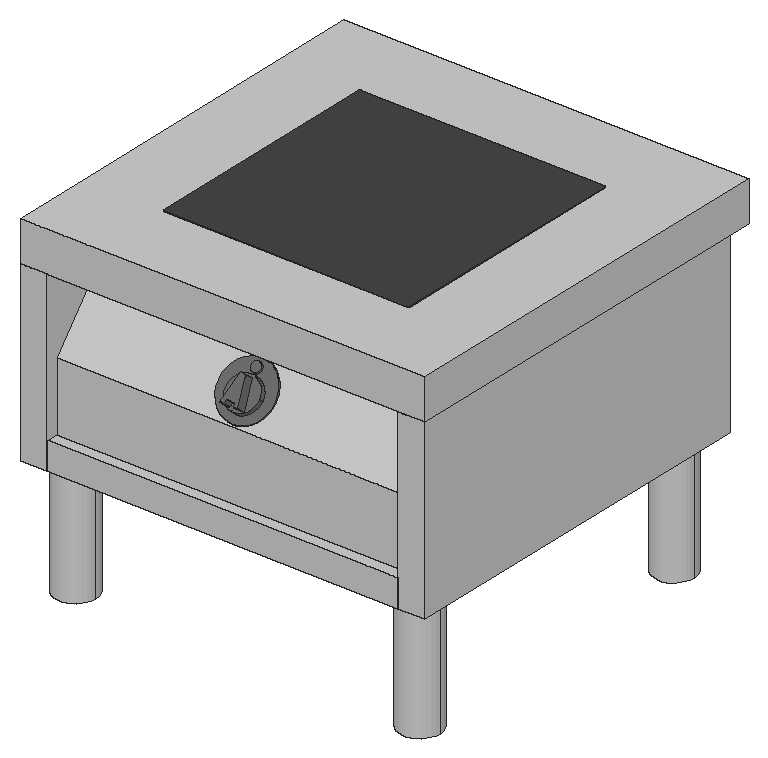
Revit family "QF_ADVENTYS_FISP_8000_250902095302", category Specialty Equipment, Revit 2021
Family settings
  Round Connector Dimension = Use Diameter
  Part Type = Normal
  OmniClass Number = 23.40.40.14
  OmniClass Title = Food Service Equipment
  Work Plane-Based = No
  Always vertical = Yes
  Cut with Voids When Loaded = No
  Shared = No
  Room Calculation Point = No
Parameters (values of type "ADV1687")
  Weight in Pounds [instance] = 0
  Weight = 25.00 kg
  Warranty Start Date [instance] = ""
  Warranty Duration [instance] = ""
  Volts [instance] = 400 V
  URL Recommended Spares List = ""
  URL Manufacturer = ""
  URL Cutsheet = ""
  URL Critical Spares List = ""
  URL = "www.adventys.com"
  Tag Number [instance] = ""
  Status [instance] = ""
  Specification by User [instance] = ""
  Specification by Manufacturer [instance] = ""
  Sound Level [instance] = ""
  Solid Fuel Type [instance] = ""
  Service Life Duration [instance] = ""
  Serial Number [instance] = ""
  Seismic Rating [instance] = ""
  SMACNA No [instance] = ""
  Revision Code [instance] = ""
  Revision [instance] = ""
  Production Year [instance] = ""
  Point Load [instance] = 0
  Phase [instance] = 3
  Other Equipment Approvals [instance] = ""
  Number of Poles [instance] = 3
  NAFEM Spec ID Number [instance] = ""
  Model Warning [instance] = ""
  Model = "FISP 8000"
  Min Ckt Ampacity [instance] = 0 A
  Max Overcurrent Protection [instance] = 16 A
  Masterspec [instance] = ""
  Manufacturer = "ADVENTYS"
  Length Actual = 600 mm
  Item Number [instance] = ""
  Installed By [instance] = ""
  Installation Date [instance] = ""
  Identify Quantity as Lot [instance] = no
  ID [instance] = ""
  Hygiene Approval [instance] = ""
  Hot Water Consumption = 0.0 L/s
  Height Actual = 500 mm
  HP power [instance] = ""
  Furnished By [instance] = ""
  Foodservice Equipment Identifier [instance] = no
  FL Amps [instance] = 12 A
  Electrical Remarks [instance] = ""
  Electric power [instance] = 0 W
  Electric Connection Type [instance] = ""
  Elec Conn RI Height [instance] = 0 mm
  Elec Conn Connection Height [instance] = 0 mm
  ETL Approved [instance] = no
  Description = "STOCKPOT MODULE THREE-PHASE"
  Depth Actual = 600 mm
  Default Elevation = 0 mm
  Cycle [instance] = 50 Hz
  Cost = 6050
  Conn Plug [instance] = ""
  Conn Conduit [instance] = no
  CSI MasterFormat [instance] = ""
  CE Approved [instance] = no
  Barcode [instance] = 0
  Author [instance] = ""
  Asset Identifier [instance] = ""
  Apparent Power [instance] = 8000 VA
  Accessory = no
Reference planes
  plane 1 "Center (Front/Back)": y = 0
  plane 2: z = 0
  plane 3 "Center (Left/Right)": x = 0
Forms (mm)
  Extrusion 1, solid, not visible
    sketch origin (148.007, -97.005, 180.009) x (1, 0, 0) y (0, 1, 0)
      loop
        line (-2, 2) -> (-2, -2) -> (2, -2) -> (2, 2) -> (-2, 2)
    from -2 to 2
  Extrusion 2, solid, not visible
    sketch origin (148.007, -97.005, 180.009) x (1, 0, 0) y (0, 1, 0)
      loop
        line (-2, 2) -> (-2, -2) -> (2, -2) -> (2, 2) -> (-2, 2)
    from -2 to 2
Dimensions and locks
  locked: nested 2 to Extrusion 1 at 2  (x2)
  locked: nested 3 to Extrusion 2 at 2  (x2)
  aligned and locked: level to plane 2
Nested families
  nested 1: "QF_ADVENTYS_ADV1687_2916" at (0, 0, 0), type "ADV1687"
    with Status "", Show Logo yes, Show Clearance yes
  nested 2: "CONN_POINT_ELE_2D___Generic_Annotation" at (148.007, -97.005, 178.009), type "CONN_POINT_ELE_2D___Generic_Annotation"
    with Onboard connection annotation symbol visibility yes
  nested 3: "CONN_POINT_ELE_2D___Generic_Annotation" at (148.007, -97.005, 178.009), type "CONN_POINT_ELE_2D___Generic_Annotation"
    with Onboard connection annotation symbol visibility yes
Connectors
  electrical at (148.007, -97.005, 178.009), driven by "Apparent Power", driven by "Number of Poles", driven by "Volts"
    settings: on Extrusion 1, index 1, voltage 400 V, apparent load 0 VA, apparent load phase1 8000 VA, apparent load phase2 0 VA, apparent load phase3 0 VA, power factor 1, load classification "Other", number of poles 3, system type 31, power factor state 1, is connector primary yes, connector utility no, sub classification motor no, connector description "Electrical connection for FISP 8000"
  electrical at (148.007, -97.005, 178.009), driven by "Apparent Power", driven by "Number of Poles", driven by "Volts"
    settings: on Extrusion 2, index 2, voltage 400 V, apparent load 0 VA, apparent load phase1 8000 VA, apparent load phase2 0 VA, apparent load phase3 0 VA, power factor 1, load classification "Other", number of poles 3, system type 31, power factor state 1, is connector primary no, connector utility no, sub classification motor no, connector description "Electrical connection for FISP 8000"
Definition of nested family "QF_ADVENTYS_ADV1687_2916"
  Parameters (values of type "ADV1687")
    URL = "www.adventys.com"
    Status [instance] = ""
    Show Logo [instance] = yes
    Show Clearance [instance] = yes
    Model = "FISP 8000"
    Manufacturer = "ADVENTYS"
    Description = "STOCKPOT MODULE THREE-PHASE"
    Default Elevation = 0 mm
    Author = "SPECIFI"
    Assembly Code = "E1090320"
  Reference planes
    plane 1 "Back": y = 0
    plane 2: z = 0
    plane 3 "Left": x = 0
    plane 4 "Right": x = 600
    plane 5 "Front": y = -600
    plane 6 "Top": z = 499.75
  Forms (mm)
    Extrusion 1, solid
      sketch origin (0, 0, 940) x (1, 0, 0) y (0, 1, 0)
        loop
          line (0, 0) -> (0, -600) -> (600, -600) -> (600, 0) -> (0, 0)
      from -499.95 to -440.25
    Extrusion 2, solid
      sketch origin (0, 0, 498) x (1, 0, 0) y (0, 1, 0)
        loop
          arc (120, -117) -> (117.879, -117.879) -> (117, -120) r 3
          line (117, -120) -> (117, -480)
          arc (117, -480) -> (117.879, -482.121) -> (120, -483) r 3
          line (120, -483) -> (480, -483)
          arc (480, -483) -> (482.121, -482.121) -> (483, -480) r 3
          line (483, -480) -> (483, -120)
          arc (483, -120) -> (482.121, -117.879) -> (480, -117) r 3
          line (480, -117) -> (120, -117)
      from 0 to 2
    Extrusion 3, solid
      sketch origin (0, 0, 940.05) x (1, 0, 0) y (0, 0, 1)
        loop
          line (40, -762) -> (40, -500) -> (0.01, -500) -> (0.01, -762) -> (40, -762)
      from 35 to 600
    Extrusion 4, solid
      sketch origin (560, 0, 940.05) x (1, 0, 0) y (0, 0, 1)
        loop
          line (40, -762) -> (40, -500) -> (0.01, -500) -> (0.01, -762) -> (40, -762)
      from 35 to 600
    Extrusion 5, solid
      sketch origin (0, 0, 940.05) x (0, 1, 0) y (0, 0, 1)
        loop
          line (-593.75, -501) -> (-547.65, -501) -> (-524.871, -549.85) -> (-583, -619.126) -> (-583, -721) -> (-600, -721) -> (-600, -762) -> (-35, -762) -> (-35, -501) -> (-21, -501) -> (-21, -500) -> (-593.75, -500) -> (-593.75, -501)
      from 40 to 560
    Extrusion 6, solid
      sketch origin (-112.969, -178.071, 800.856) x (1, 0, 0) y (0, 0.642788, 0.766044)
        loop
          circle (412.857, -582.63) r 42.5
      from 0 to 2
    Extrusion 7, solid
      sketch origin (-116.939, 148.551, 526.095) x (1, 0, 0) y (0, 0.642788, 0.766044)
        loop
          circle (416.832, -587.091) r 25
      from 428.82 to 435.82
    Extrusion 8, solid
      sketch origin (38.385, 148.066, 537.42) x (1, 0, 0) y (0, 0.642788, 0.766044)
        loop
          circle (260.615, -560.859) r 7.5
      from 420.165 to 422.165
    Extrusion 9, solid
      sketch origin (1.794, 0, 0) x (1, 0, 0) y (0, 1, 0)
        loop
          circle (42.716, -81.928) r 30
      from 0 to 178.05
    Extrusion 10, solid
      sketch origin (1.794, -471.062, 0) x (1, 0, 0) y (0, 1, 0)
        loop
          circle (42.716, -81.928) r 30
      from 0 to 178.05
    Extrusion 11, solid
      sketch origin (512.774, 0, 0) x (1, 0, 0) y (0, 1, 0)
        loop
          circle (42.716, -81.928) r 30
      from 0 to 178.05
    Extrusion 12, solid
      sketch origin (512.774, -471.062, 0) x (1, 0, 0) y (0, 1, 0)
        loop
          circle (42.716, -81.928) r 30
      from 0 to 178.05
    Extrusion 13, solid
      sketch origin (-1107.329, 0, 0) x (1, 0, 0) y (0, 1, 0)
        loop
          circle (1255.271, -97.734) r 10
      from 168.05 to 178.05
    Extrusion 14, solid
      sketch origin (660.343, -521.628, 389.865) x (0, -0.642788, -0.766044) y (1, 0, 0)
        loop
          line (72.45, -353.1) -> (72.45, -348.1) -> (31.45, -357.1) -> (31.45, -365.1) -> (72.45, -374.1) -> (72.45, -369.1) -> (66.45, -367.1) -> (66.45, -355.1) -> (72.45, -353.1)
      from 10 to 25.009
  Lines and regions (mm)
    symbolic lines
      curve 1: line (0, 0, 0) -> (600, 0, 0)
      curve 2: line (0, -600, 0) -> (0, 0, 0)
      curve 3: line (600, -600, 0) -> (0, -600, 0)
      curve 4: line (600, 0, 0) -> (600, -600, 0)
      curve 5: arc (120, -117, 0) -> (117.879, -117.879, 0) -> (117, -120, 0) r 3
      curve 6: line (480, -117, 0) -> (120, -117, 0)
      curve 7: line (117, -120, 0) -> (117, -480, 0)
      curve 8: arc (483, -120, 0) -> (482.121, -117.879, 0) -> (480, -117, 0) r 3
      curve 9: line (483, -480, 0) -> (483, -120, 0)
      curve 10: arc (480, -483, 0) -> (482.121, -482.121, 0) -> (483, -480, 0) r 3
      curve 11: line (120, -483, 0) -> (480, -483, 0)
      curve 12: arc (117, -480, 0) -> (117.879, -482.121, 0) -> (120, -483, 0) r 3
  Dimensions and locks
    plane 6 "Top" to level = 499.75 mm  (x2)
    plane 3 "Left" to plane 4 "Right" = 600 mm
    plane 5 "Front" to plane 1 "Back" = 600 mm
    aligned and locked: level to plane 2
Definition of nested family "CONN_POINT_ELE_2D___Generic_Annotation"
  Parameters (values of type "CONN_POINT_ELE_2D___Generic_Annotation")
    Onboard connection annotation symbol visibility [instance] = yes
  Reference planes
    plane 1: y = 0
    plane 2: x = 0
  Lines and regions (mm)
    detail lines, visible <- "Onboard connection annotation symbol visibility"
      curve 1: circle (0, 0, 0) r 0.5 normal (0, 0, 1)
      curve 2: line (-1, 0, 0) -> (1, 0, 0)
      curve 3: line (0, 1, 0) -> (0, -1, 0)
      curve 4: line (2.5, 1, 0) -> (1.25, 1, 0)
      curve 5: line (1.25, 1, 0) -> (1.25, -1, 0)
      curve 6: line (1.25, -1, 0) -> (2.5, -1, 0)
      curve 7: line (1.25, 0, 0) -> (2, 0, 0)
